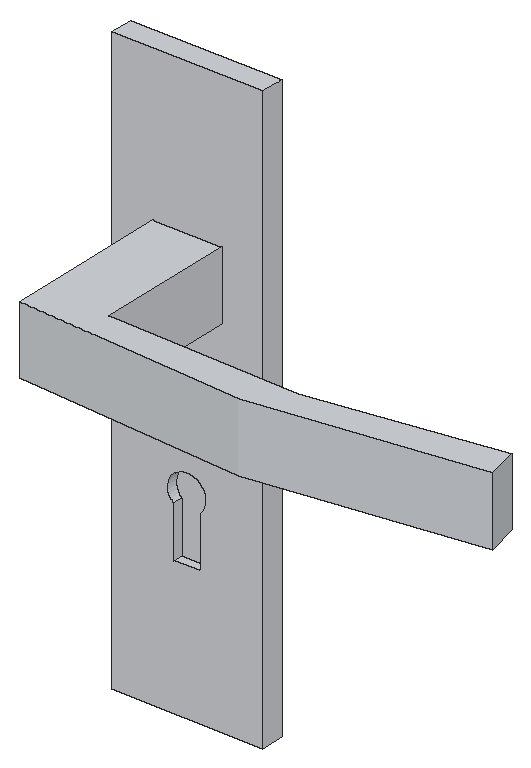
Revit family "BG_DORc_NestedHandle-Type1", category Doors, Revit 2020
Family settings
  Work Plane-Based = Yes
  Always vertical = Yes
  Cut with Voids When Loaded = No
  Shared = No
  Room Calculation Point = No
Parameters (values of type "Typical")
  Hardware finish [instance] = none
  Default Elevation = 1219.2 mm
Reference planes
  plane 1 "Center (Front/Back)": y = 0
  plane 2: z = 0
  plane 3 "Center (Left/Right)": x = 0
Forms (mm)
  Extrusion 1, solid, material <- "Hardware finish"
    sketch origin (0, 0, 31) x (1, 0, 0) y (0, 0, 1)
      loop
        line (-22, 55) -> (-22, -117) -> (22, -117) -> (22, 55) -> (-22, 55)
      loop
        line (-4, -77) -> (4, -77) -> (4, -62)
        arc (4, -62) -> (0, -52.496) -> (-4, -62) r 5.594
        line (-4, -62) -> (-4, -77)
    from 0 to 6.964
  Extrusion 2, solid, material <- "Hardware finish"
    sketch origin (0, 0, 31) x (0, -1, 0) y (1, 0, 0)
      loop
        arc (55.503, -10) -> (59.77, 57.346) -> (50.374, 124.17) r 333.022
        line (50.374, 124.17) -> (40.663, 121.781)
        arc (40.663, 121.781) -> (49.291, 66.218) -> (48.152, 10) r 323.022
        line (48.152, 10) -> (6.964, 10) -> (6.964, -10) -> (55.503, -10)
    from -10.044 to 10
  Extrusion 3, solid, material <- "Hardware finish"
    sketch origin (0, 0, 31) x (1, 0, 0) y (0, 0, 1)
      loop
        line (-4, -77) -> (4, -77) -> (4, -62)
        arc (4, -62) -> (0, -52.496) -> (-4, -62) r 5.594
        line (-4, -62) -> (-4, -77)
    from 0 to 4
Dimensions and locks
  aligned and locked: level to plane 2
